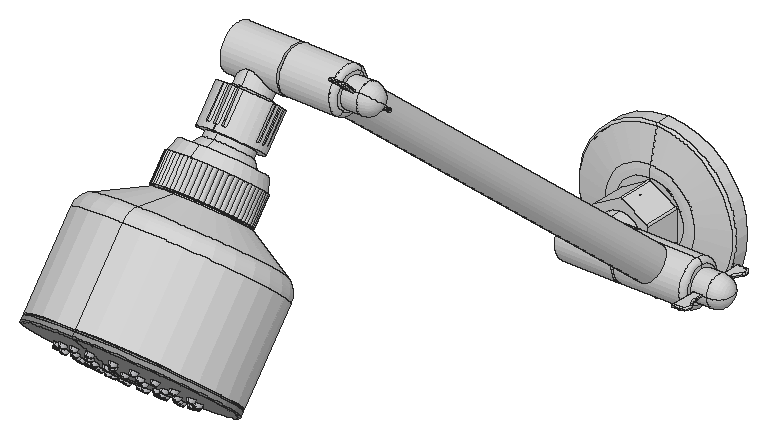
Revit family "Reece_Shower_Base_All Directional Shower", category Plumbing Fixtures, Revit 2018 (continued)
Definition of nested family "Reece_Shower_Base_Overhead Shower_Nested"
  Cuts and joins
    Extrusion 71 cuts Blend 70
    Extrusion 73 cuts Blend 72
    Extrusion 75, Extrusion 77, Extrusion 79, Extrusion 81 cuts Blend 74
    Extrusion 77, Extrusion 83 cuts Blend 76
    Extrusion 79, Extrusion 85 cuts Blend 78
    Extrusion 81, Extrusion 87 cuts Blend 80
    Extrusion 83, Extrusion 89 cuts Blend 82
    Extrusion 85, Extrusion 91 cuts Blend 84
    Extrusion 87, Extrusion 93 cuts Blend 86
    Extrusion 89, Extrusion 95 cuts Blend 88
    Extrusion 91, Extrusion 97 cuts Blend 90
    Extrusion 93 cuts Blend 92
    Extrusion 95 cuts Blend 94
    Extrusion 97 cuts Blend 96
    Extrusion 9 cuts Revolve 99
  Text (mm)
    text "Reece Copyright © 2018, Reece Ltd." at (-452.712, -223.434, 0), in view "Ref. Level"
    text "Reece ©" at (290.323, 26.521, 334.836), in view "Reece_Preview"
  Dimensions and locks
    level to plane 8 = 101.232 mm
    plane 7 to plane 4 = 77.969 mm  (x3)
    plane 5 to plane 6 = 77.969 mm  (x2)
    equal spacing: plane 7, plane 3 "Center (Left/Right)", plane 4
    equal spacing: plane 5, plane 1 "Center (Front/Back)", plane 6
    Extrusion 1 to plane 8 = 101.232 mm  (x2)
    plane 6 to plane 5 = 77.969 mm
    plane 8 to level = 101.232 mm
    aligned and locked: plane 2 to Extrusion 1
    aligned and locked: level to Extrusion 1
    aligned and locked: Revolve 2 sketch curve to plane 3 "Center (Left/Right)"
    aligned and locked: Revolve 7 sketch curve to plane 3 "Center (Left/Right)"
    aligned and locked: Revolve 8 sketch curve to plane 3 "Center (Left/Right)"
  Automatic sketch dimensions
    Extrusion 1 sketch curve to Extrusion 1 sketch curve = 407.898 mm
    Extrusion 1 sketch curve to Extrusion 1 sketch curve = 410.737 mm
    Revolve 2 sketch curve to level = 0 mm
    Revolve 2 sketch curve to plane 3 "Center (Left/Right)" = 0 mm
    Revolve 2 sketch curve to plane 3 "Center (Left/Right)" = 8.999 mm
    Revolve 2 sketch curve to Revolve 2 sketch curve = 2.646 mm
    Revolve 2 sketch curve to plane 3 "Center (Left/Right)" = 12.299 mm
    Revolve 2 sketch curve to Revolve 2 sketch curve = 4.453 mm
    Revolve 2 sketch curve to Revolve 2 sketch curve = 1.8 mm
    plane 3 "Center (Left/Right)" to Revolve 2 sketch curve = 0.001 mm
    level to Revolve 2 sketch curve = 16.001 mm
    Revolve 2 sketch curve to Revolve 2 sketch curve = 2.455 mm
    Revolve 2 sketch curve to Revolve 2 sketch curve = 3.605 mm
    Revolve 2 sketch curve to Revolve 2 sketch curve = 0 mm
    Revolve 2 sketch curve to Revolve 2 sketch curve = 0.477 mm
    Revolve 2 sketch curve to Revolve 2 sketch curve = 5.3 mm
    Revolve 2 sketch curve to level = 5.852 mm
    Revolve 2 sketch curve to Revolve 2 sketch curve = 6.026 mm
    Extrusion 3 sketch curve to level = 0 mm  (x3)
    Extrusion 3 sketch curve to plane 3 "Center (Left/Right)" = 4.232 mm
    Extrusion 3 sketch curve to plane 3 "Center (Left/Right)" = 2.108 mm
    Extrusion 3 sketch curve to Extrusion 3 sketch curve = 1.009 mm  (x2)
    plane 3 "Center (Left/Right)" to Extrusion 3 sketch curve = 1.1 mm
    Extrusion 3 sketch curve to Extrusion 3 sketch curve = 2.021 mm
    Extrusion 3 sketch curve to Extrusion 3 sketch curve = 13.601 mm
    Extrusion 3 sketch curve to Extrusion 3 sketch curve = 0 mm  (x2)
    Extrusion 4 sketch curve to level = 0 mm  (x3)
    Extrusion 4 sketch curve to plane 3 "Center (Left/Right)" = 4.232 mm
    Extrusion 4 sketch curve to plane 3 "Center (Left/Right)" = 2.108 mm
    Extrusion 4 sketch curve to Extrusion 4 sketch curve = 1.009 mm  (x2)
    plane 3 "Center (Left/Right)" to Extrusion 4 sketch curve = 1.1 mm
    Extrusion 4 sketch curve to Extrusion 4 sketch curve = 2.021 mm
    Extrusion 4 sketch curve to Extrusion 4 sketch curve = 13.601 mm
    Extrusion 4 sketch curve to Extrusion 4 sketch curve = 0 mm  (x2)
    Extrusion 5 sketch curve to level = 0 mm  (x3)
    Extrusion 5 sketch curve to plane 1 "Center (Front/Back)" = 4.181 mm
    Extrusion 5 sketch curve to plane 1 "Center (Front/Back)" = 2.057 mm
    Extrusion 5 sketch curve to Extrusion 5 sketch curve = 1.009 mm  (x2)
    plane 1 "Center (Front/Back)" to Extrusion 5 sketch curve = 1.151 mm
    Extrusion 5 sketch curve to Extrusion 5 sketch curve = 2.021 mm
    Extrusion 5 sketch curve to Extrusion 5 sketch curve = 13.601 mm
    Extrusion 5 sketch curve to Extrusion 5 sketch curve = 0 mm  (x2)
    Extrusion 6 sketch curve to level = 0 mm  (x3)
    Extrusion 6 sketch curve to plane 1 "Center (Front/Back)" = 4.181 mm
    Extrusion 6 sketch curve to plane 1 "Center (Front/Back)" = 2.057 mm
    Extrusion 6 sketch curve to Extrusion 6 sketch curve = 1.009 mm  (x2)
    plane 1 "Center (Front/Back)" to Extrusion 6 sketch curve = 1.151 mm
    Extrusion 6 sketch curve to Extrusion 6 sketch curve = 2.021 mm
    Extrusion 6 sketch curve to Extrusion 6 sketch curve = 13.601 mm
    Extrusion 6 sketch curve to Extrusion 6 sketch curve = 0 mm  (x2)
    Revolve 7 sketch curve to plane 3 "Center (Left/Right)" = 0 mm
    Revolve 7 sketch curve to plane 3 "Center (Left/Right)" = 18.398 mm
    level to Revolve 7 sketch curve = 27.361 mm
    Revolve 7 sketch curve to Revolve 7 sketch curve = 12 mm
    Revolve 7 sketch curve to Revolve 7 sketch curve = 7.708 mm
    Revolve 7 sketch curve to Revolve 7 sketch curve = 4.463 mm
    Revolve 8 sketch curve to plane 3 "Center (Left/Right)" = 0 mm
    Revolve 8 sketch curve to plane 3 "Center (Left/Right)" = 15.498 mm
    Revolve 8 sketch curve to Revolve 8 sketch curve = 3.025 mm
    Revolve 8 sketch curve to plane 7 = 7.985 mm
    plane 7 to Revolve 8 sketch curve = 0.013 mm
    level to Revolve 8 sketch curve = 39.361 mm
    Revolve 8 sketch curve to Revolve 8 sketch curve = 0.8 mm
    Revolve 8 sketch curve to Revolve 8 sketch curve = 16.343 mm
    plane 8 to Revolve 8 sketch curve = 6.958 mm
    Revolve 8 sketch curve to plane 7 = 4.018 mm
    Revolve 8 sketch curve to Revolve 8 sketch curve = 0 mm  (x2)
    Revolve 8 sketch curve to Revolve 8 sketch curve = 12 mm
    Revolve 8 sketch curve to plane 8 = 11.843 mm
    Extrusion 9 sketch curve to Extrusion 9 sketch curve = 0 mm  (x2)
    plane 1 "Center (Front/Back)" to Extrusion 9 sketch curve = 0 mm
    Extrusion 9 sketch curve to plane 3 "Center (Left/Right)" = 0 mm
    plane 1 "Center (Front/Back)" to Blend 10 sketch curve = 0 mm  (x2)
    Blend 10 sketch curve to plane 3 "Center (Left/Right)" = 13.179 mm  (x2)
    plane 1 "Center (Front/Back)" to Extrusion 11 sketch curve = 0 mm
    Extrusion 11 sketch curve to plane 3 "Center (Left/Right)" = 13.179 mm
    Blend 12 sketch curve to plane 3 "Center (Left/Right)" = 11.194 mm  (x2)
    plane 1 "Center (Front/Back)" to Blend 12 sketch curve = 6.252 mm  (x2)
    Extrusion 13 sketch curve to plane 3 "Center (Left/Right)" = 11.194 mm
    plane 1 "Center (Front/Back)" to Extrusion 13 sketch curve = 6.252 mm
    Blend 14 sketch curve to plane 3 "Center (Left/Right)" = 6.236 mm  (x2)
    plane 1 "Center (Front/Back)" to Blend 14 sketch curve = 11.131 mm  (x2)
    Extrusion 15 sketch curve to plane 3 "Center (Left/Right)" = 6.236 mm
    plane 1 "Center (Front/Back)" to Extrusion 15 sketch curve = 11.131 mm
    plane 1 "Center (Front/Back)" to Blend 16 sketch curve = 0 mm  (x2)
    Blend 16 sketch curve to plane 3 "Center (Left/Right)" = 13.179 mm  (x2)
    plane 1 "Center (Front/Back)" to Extrusion 17 sketch curve = 0 mm
    Extrusion 17 sketch curve to plane 3 "Center (Left/Right)" = 13.179 mm
    Blend 18 sketch curve to plane 3 "Center (Left/Right)" = 11.194 mm  (x2)
    Blend 18 sketch curve to plane 1 "Center (Front/Back)" = 6.252 mm  (x2)
    Extrusion 19 sketch curve to plane 3 "Center (Left/Right)" = 11.194 mm
    Extrusion 19 sketch curve to plane 1 "Center (Front/Back)" = 6.252 mm
    Blend 20 sketch curve to plane 3 "Center (Left/Right)" = 6.236 mm  (x2)
    Blend 20 sketch curve to plane 1 "Center (Front/Back)" = 11.131 mm  (x2)
    Extrusion 21 sketch curve to plane 3 "Center (Left/Right)" = 6.236 mm
    Extrusion 21 sketch curve to plane 1 "Center (Front/Back)" = 11.131 mm
    plane 3 "Center (Left/Right)" to Blend 22 sketch curve = 11.194 mm  (x2)
    Blend 22 sketch curve to plane 1 "Center (Front/Back)" = 6.252 mm  (x2)
    plane 3 "Center (Left/Right)" to Extrusion 23 sketch curve = 11.194 mm
    Extrusion 23 sketch curve to plane 1 "Center (Front/Back)" = 6.252 mm
    plane 3 "Center (Left/Right)" to Blend 24 sketch curve = 6.236 mm  (x2)
    Blend 24 sketch curve to plane 1 "Center (Front/Back)" = 11.131 mm  (x2)
    plane 3 "Center (Left/Right)" to Extrusion 25 sketch curve = 6.236 mm
    Extrusion 25 sketch curve to plane 1 "Center (Front/Back)" = 11.131 mm
    plane 3 "Center (Left/Right)" to Blend 26 sketch curve = 11.194 mm  (x2)
    plane 1 "Center (Front/Back)" to Blend 26 sketch curve = 6.252 mm  (x2)
    plane 3 "Center (Left/Right)" to Extrusion 27 sketch curve = 11.194 mm
    plane 1 "Center (Front/Back)" to Extrusion 27 sketch curve = 6.252 mm
    plane 3 "Center (Left/Right)" to Blend 28 sketch curve = 6.236 mm  (x2)
    plane 1 "Center (Front/Back)" to Blend 28 sketch curve = 11.131 mm  (x2)
    plane 3 "Center (Left/Right)" to Extrusion 29 sketch curve = 6.236 mm
    plane 1 "Center (Front/Back)" to Extrusion 29 sketch curve = 11.131 mm
    plane 3 "Center (Left/Right)" to Blend 30 sketch curve = 0.003 mm  (x2)
    Blend 30 sketch curve to plane 1 "Center (Front/Back)" = 12.57 mm  (x2)
    plane 3 "Center (Left/Right)" to Extrusion 31 sketch curve = 0.003 mm
    Extrusion 31 sketch curve to plane 1 "Center (Front/Back)" = 12.57 mm
    Blend 32 sketch curve to plane 3 "Center (Left/Right)" = 0.003 mm  (x2)
    Blend 32 sketch curve to plane 1 "Center (Front/Back)" = 12.57 mm  (x2)
    Extrusion 33 sketch curve to plane 3 "Center (Left/Right)" = 0.003 mm
    Extrusion 33 sketch curve to plane 1 "Center (Front/Back)" = 12.57 mm
    plane 3 "Center (Left/Right)" to Blend 34 sketch curve = 0.218 mm  (x2)
    plane 6 to Blend 34 sketch curve = 12.929 mm  (x2)
    plane 3 "Center (Left/Right)" to Extrusion 35 sketch curve = 0.218 mm
    plane 6 to Extrusion 35 sketch curve = 12.929 mm
    plane 3 "Center (Left/Right)" to Blend 36 sketch curve = 0.075 mm  (x2)
    Blend 36 sketch curve to plane 5 = 12.929 mm  (x2)
    plane 3 "Center (Left/Right)" to Extrusion 37 sketch curve = 0.075 mm
    Extrusion 37 sketch curve to plane 5 = 12.929 mm
    Blend 38 sketch curve to plane 3 "Center (Left/Right)" = 8.269 mm  (x2)
    Blend 38 sketch curve to plane 5 = 14.847 mm  (x2)
    Extrusion 39 sketch curve to plane 3 "Center (Left/Right)" = 8.269 mm
    Extrusion 39 sketch curve to plane 5 = 14.847 mm
    Blend 40 sketch curve to plane 3 "Center (Left/Right)" = 14.495 mm  (x2)
    Blend 40 sketch curve to plane 5 = 18.887 mm  (x2)
    Extrusion 41 sketch curve to plane 3 "Center (Left/Right)" = 14.495 mm
    Extrusion 41 sketch curve to plane 5 = 18.887 mm
    Blend 42 sketch curve to plane 7 = 19.077 mm  (x2)
    Blend 42 sketch curve to plane 1 "Center (Front/Back)" = 14.653 mm  (x2)
    Extrusion 43 sketch curve to plane 7 = 19.077 mm
    Extrusion 43 sketch curve to plane 1 "Center (Front/Back)" = 14.653 mm
    Blend 44 sketch curve to plane 7 = 15.749 mm  (x2)
    Blend 44 sketch curve to plane 1 "Center (Front/Back)" = 8.086 mm  (x2)
    Extrusion 45 sketch curve to plane 7 = 15.749 mm
    Extrusion 45 sketch curve to plane 1 "Center (Front/Back)" = 8.086 mm
    Blend 46 sketch curve to plane 1 "Center (Front/Back)" = 0.521 mm  (x2)
    Blend 46 sketch curve to plane 7 = 13.973 mm  (x2)
    Extrusion 47 sketch curve to plane 1 "Center (Front/Back)" = 0.521 mm
    Extrusion 47 sketch curve to plane 7 = 13.973 mm
    plane 3 "Center (Left/Right)" to Blend 48 sketch curve = 8.269 mm  (x2)
    Blend 48 sketch curve to plane 5 = 14.847 mm  (x2)
    plane 3 "Center (Left/Right)" to Extrusion 49 sketch curve = 8.269 mm
    Extrusion 49 sketch curve to plane 5 = 14.847 mm
    plane 3 "Center (Left/Right)" to Blend 50 sketch curve = 14.495 mm  (x2)
    Blend 50 sketch curve to plane 5 = 18.887 mm  (x2)
    plane 3 "Center (Left/Right)" to Extrusion 51 sketch curve = 14.495 mm
    Extrusion 51 sketch curve to plane 5 = 18.887 mm
    plane 4 to Blend 52 sketch curve = 19.077 mm  (x2)
    Blend 52 sketch curve to plane 1 "Center (Front/Back)" = 14.653 mm  (x2)
    plane 4 to Extrusion 53 sketch curve = 19.077 mm
    Extrusion 53 sketch curve to plane 1 "Center (Front/Back)" = 14.653 mm
    plane 4 to Blend 54 sketch curve = 15.749 mm  (x2)
    Blend 54 sketch curve to plane 1 "Center (Front/Back)" = 8.086 mm  (x2)
    plane 4 to Extrusion 55 sketch curve = 15.749 mm
    Extrusion 55 sketch curve to plane 1 "Center (Front/Back)" = 8.086 mm
    Blend 56 sketch curve to plane 1 "Center (Front/Back)" = 0.521 mm  (x2)
    plane 4 to Blend 56 sketch curve = 13.973 mm  (x2)
    Extrusion 57 sketch curve to plane 1 "Center (Front/Back)" = 0.521 mm
    plane 4 to Extrusion 57 sketch curve = 13.973 mm
    plane 3 "Center (Left/Right)" to Blend 58 sketch curve = 8.269 mm  (x2)
    Blend 58 sketch curve to plane 6 = 14.847 mm  (x2)
    plane 3 "Center (Left/Right)" to Extrusion 59 sketch curve = 8.269 mm
    Extrusion 59 sketch curve to plane 6 = 14.847 mm
    plane 3 "Center (Left/Right)" to Blend 60 sketch curve = 14.495 mm  (x2)
    Blend 60 sketch curve to plane 6 = 18.887 mm  (x2)
    plane 3 "Center (Left/Right)" to Extrusion 61 sketch curve = 14.495 mm
    Extrusion 61 sketch curve to plane 6 = 18.887 mm
    plane 4 to Blend 62 sketch curve = 19.077 mm  (x2)
    plane 1 "Center (Front/Back)" to Blend 62 sketch curve = 14.653 mm  (x2)
    plane 4 to Extrusion 63 sketch curve = 19.077 mm
    plane 1 "Center (Front/Back)" to Extrusion 63 sketch curve = 14.653 mm
    plane 4 to Blend 64 sketch curve = 15.749 mm  (x2)
    plane 1 "Center (Front/Back)" to Blend 64 sketch curve = 8.086 mm  (x2)
    plane 4 to Extrusion 65 sketch curve = 15.749 mm
    plane 1 "Center (Front/Back)" to Extrusion 65 sketch curve = 8.086 mm
    Blend 66 sketch curve to plane 3 "Center (Left/Right)" = 8.269 mm  (x2)
    Blend 66 sketch curve to plane 6 = 14.847 mm  (x2)
    Extrusion 67 sketch curve to plane 3 "Center (Left/Right)" = 8.269 mm
    Extrusion 67 sketch curve to plane 6 = 14.847 mm
    Blend 68 sketch curve to plane 3 "Center (Left/Right)" = 14.495 mm  (x2)
    Blend 68 sketch curve to plane 6 = 18.887 mm  (x2)
    Extrusion 69 sketch curve to plane 3 "Center (Left/Right)" = 14.495 mm
    Extrusion 69 sketch curve to plane 6 = 18.887 mm
    Blend 70 sketch curve to plane 7 = 19.077 mm  (x2)
    plane 1 "Center (Front/Back)" to Blend 70 sketch curve = 14.653 mm  (x2)
    Extrusion 71 sketch curve to plane 7 = 19.077 mm
    plane 1 "Center (Front/Back)" to Extrusion 71 sketch curve = 14.653 mm
    Blend 72 sketch curve to plane 7 = 15.749 mm  (x2)
    plane 1 "Center (Front/Back)" to Blend 72 sketch curve = 8.086 mm  (x2)
    Extrusion 73 sketch curve to plane 7 = 15.749 mm
    plane 1 "Center (Front/Back)" to Extrusion 73 sketch curve = 8.086 mm
    plane 1 "Center (Front/Back)" to Blend 74 sketch curve = 4.89 mm  (x2)
    plane 3 "Center (Left/Right)" to Blend 74 sketch curve = 17.438 mm  (x2)
    plane 1 "Center (Front/Back)" to Extrusion 75 sketch curve = 4.89 mm
    plane 3 "Center (Left/Right)" to Extrusion 75 sketch curve = 17.438 mm
    plane 3 "Center (Left/Right)" to Blend 76 sketch curve = 13.024 mm  (x2)
    plane 1 "Center (Front/Back)" to Blend 76 sketch curve = 13.422 mm  (x2)
    plane 3 "Center (Left/Right)" to Extrusion 77 sketch curve = 13.024 mm
    plane 1 "Center (Front/Back)" to Extrusion 77 sketch curve = 13.422 mm
    plane 3 "Center (Left/Right)" to Blend 78 sketch curve = 4.213 mm  (x2)
    plane 1 "Center (Front/Back)" to Blend 78 sketch curve = 18.115 mm  (x2)
    plane 3 "Center (Left/Right)" to Extrusion 79 sketch curve = 4.213 mm
    plane 1 "Center (Front/Back)" to Extrusion 79 sketch curve = 18.115 mm
    Blend 80 sketch curve to plane 1 "Center (Front/Back)" = 4.89 mm  (x2)
    plane 3 "Center (Left/Right)" to Blend 80 sketch curve = 17.438 mm  (x2)
    Extrusion 81 sketch curve to plane 1 "Center (Front/Back)" = 4.89 mm
    plane 3 "Center (Left/Right)" to Extrusion 81 sketch curve = 17.438 mm
    plane 3 "Center (Left/Right)" to Blend 82 sketch curve = 13.024 mm  (x2)
    Blend 82 sketch curve to plane 1 "Center (Front/Back)" = 13.422 mm  (x2)
    plane 3 "Center (Left/Right)" to Extrusion 83 sketch curve = 13.024 mm
    Extrusion 83 sketch curve to plane 1 "Center (Front/Back)" = 13.422 mm
    plane 3 "Center (Left/Right)" to Blend 84 sketch curve = 4.213 mm  (x2)
    Blend 84 sketch curve to plane 1 "Center (Front/Back)" = 18.115 mm  (x2)
    plane 3 "Center (Left/Right)" to Extrusion 85 sketch curve = 4.213 mm
    Extrusion 85 sketch curve to plane 1 "Center (Front/Back)" = 18.115 mm
    plane 1 "Center (Front/Back)" to Blend 86 sketch curve = 4.89 mm  (x2)
    plane 3 "Center (Left/Right)" to Blend 86 sketch curve = 17.438 mm  (x2)
    plane 1 "Center (Front/Back)" to Extrusion 87 sketch curve = 4.89 mm
    plane 3 "Center (Left/Right)" to Extrusion 87 sketch curve = 17.438 mm
    plane 3 "Center (Left/Right)" to Blend 88 sketch curve = 13.024 mm  (x2)
    plane 1 "Center (Front/Back)" to Blend 88 sketch curve = 13.422 mm  (x2)
    plane 3 "Center (Left/Right)" to Extrusion 89 sketch curve = 13.024 mm
    plane 1 "Center (Front/Back)" to Extrusion 89 sketch curve = 13.422 mm
    plane 3 "Center (Left/Right)" to Blend 90 sketch curve = 4.213 mm  (x2)
    plane 1 "Center (Front/Back)" to Blend 90 sketch curve = 18.115 mm  (x2)
    plane 3 "Center (Left/Right)" to Extrusion 91 sketch curve = 4.213 mm
    plane 1 "Center (Front/Back)" to Extrusion 91 sketch curve = 18.115 mm
    plane 1 "Center (Front/Back)" to Blend 92 sketch curve = 4.89 mm  (x2)
    Blend 92 sketch curve to plane 3 "Center (Left/Right)" = 17.438 mm  (x2)
    plane 1 "Center (Front/Back)" to Extrusion 93 sketch curve = 4.89 mm
    Extrusion 93 sketch curve to plane 3 "Center (Left/Right)" = 17.438 mm
    Blend 94 sketch curve to plane 3 "Center (Left/Right)" = 13.024 mm  (x2)
    plane 1 "Center (Front/Back)" to Blend 94 sketch curve = 13.422 mm  (x2)
    Extrusion 95 sketch curve to plane 3 "Center (Left/Right)" = 13.024 mm
    plane 1 "Center (Front/Back)" to Extrusion 95 sketch curve = 13.422 mm
    Blend 96 sketch curve to plane 3 "Center (Left/Right)" = 4.213 mm  (x2)
    plane 1 "Center (Front/Back)" to Blend 96 sketch curve = 18.115 mm  (x2)
    Extrusion 97 sketch curve to plane 3 "Center (Left/Right)" = 4.213 mm
    plane 1 "Center (Front/Back)" to Extrusion 97 sketch curve = 18.115 mm
    Extrusion 98 sketch curve to plane 1 "Center (Front/Back)" = 0.002 mm  (x2)
    Extrusion 98 sketch curve to plane 3 "Center (Left/Right)" = 17.512 mm
    Extrusion 98 sketch curve to Extrusion 98 sketch curve = 0.096 mm  (x5)
    Extrusion 98 sketch curve to Extrusion 98 sketch curve = 0.286 mm  (x8)
    Extrusion 98 sketch curve to Extrusion 98 sketch curve = 0.474 mm  (x8)
    Extrusion 98 sketch curve to Extrusion 98 sketch curve = 0.656 mm  (x8)
    Extrusion 98 sketch curve to Extrusion 98 sketch curve = 0.831 mm  (x11)
    Extrusion 98 sketch curve to Extrusion 98 sketch curve = 0.997 mm  (x8)
    Extrusion 98 sketch curve to Extrusion 98 sketch curve = 1.152 mm  (x8)
    Extrusion 98 sketch curve to Extrusion 98 sketch curve = 1.294 mm  (x8)
    Extrusion 98 sketch curve to Extrusion 98 sketch curve = 1.422 mm  (x8)
    Extrusion 98 sketch curve to Extrusion 98 sketch curve = 1.535 mm  (x8)
    Extrusion 98 sketch curve to Extrusion 98 sketch curve = 1.631 mm  (x8)
    Extrusion 98 sketch curve to Extrusion 98 sketch curve = 1.709 mm  (x8)
    Extrusion 98 sketch curve to Extrusion 98 sketch curve = 1.768 mm  (x8)
    Extrusion 98 sketch curve to Extrusion 98 sketch curve = 1.808 mm  (x8)
    Extrusion 98 sketch curve to plane 3 "Center (Left/Right)" = 0.028 mm  (x2)
    plane 3 "Center (Left/Right)" to Extrusion 98 sketch curve = 1.8 mm  (x2)
    plane 1 "Center (Front/Back)" to Extrusion 98 sketch curve = 1.825 mm  (x2)
    Extrusion 98 sketch curve to plane 1 "Center (Front/Back)" = 1.83 mm  (x2)
    Extrusion 98 sketch curve to Extrusion 98 sketch curve = 0.083 mm  (x2)
    Extrusion 98 sketch curve to Extrusion 98 sketch curve = 0.013 mm
    Extrusion 98 sketch curve to Extrusion 98 sketch curve = 0.178 mm  (x3)
    Extrusion 98 sketch curve to Extrusion 98 sketch curve = 0.271 mm  (x3)
    Extrusion 98 sketch curve to Extrusion 98 sketch curve = 0.295 mm  (x3)
    Extrusion 98 sketch curve to Extrusion 98 sketch curve = 0.447 mm  (x3)
    Extrusion 98 sketch curve to Extrusion 98 sketch curve = 0.528 mm
    Extrusion 98 sketch curve to Extrusion 98 sketch curve = 0.469 mm  (x3)
    Extrusion 98 sketch curve to Extrusion 98 sketch curve = 0.603 mm  (x3)
    Extrusion 98 sketch curve to Extrusion 98 sketch curve = 0.672 mm  (x2)
    Extrusion 98 sketch curve to Extrusion 98 sketch curve = 0.733 mm  (x3)
    Extrusion 98 sketch curve to Extrusion 98 sketch curve = 0.748 mm  (x2)
    Extrusion 98 sketch curve to Extrusion 98 sketch curve = 0.787 mm  (x2)
    Extrusion 98 sketch curve to Extrusion 98 sketch curve = 0.799 mm
    Extrusion 98 sketch curve to Extrusion 98 sketch curve = 0.842 mm
    Extrusion 98 sketch curve to Extrusion 98 sketch curve = 0.867 mm  (x3)
    Extrusion 98 sketch curve to Extrusion 98 sketch curve = 0.875 mm
    Extrusion 98 sketch curve to Extrusion 98 sketch curve = 0.893 mm  (x3)
    Extrusion 98 sketch curve to Extrusion 98 sketch curve = 0.909 mm  (x2)
    Extrusion 98 sketch curve to Extrusion 98 sketch curve = 0.912 mm
    Extrusion 98 sketch curve to Extrusion 98 sketch curve = 0.916 mm
    plane 3 "Center (Left/Right)" to Extrusion 98 sketch curve = 0.888 mm  (x2)
    Extrusion 98 sketch curve to Extrusion 98 sketch curve = 0.898 mm  (x2)
    Extrusion 98 sketch curve to Extrusion 98 sketch curve = 0.689 mm
    Extrusion 98 sketch curve to Extrusion 98 sketch curve = 0.622 mm  (x2)
    Extrusion 98 sketch curve to Extrusion 98 sketch curve = 0.548 mm
    Extrusion 98 sketch curve to Extrusion 98 sketch curve = 0.384 mm
    Extrusion 98 sketch curve to Extrusion 98 sketch curve = 0.361 mm
    Extrusion 98 sketch curve to Extrusion 98 sketch curve = 0.203 mm
    Extrusion 98 sketch curve to Extrusion 98 sketch curve = 0.108 mm
    plane 1 "Center (Front/Back)" to Extrusion 98 sketch curve = 0.913 mm
    Revolve 99 sketch curve to plane 3 "Center (Left/Right)" = 0 mm  (x2)
    Revolve 99 sketch curve to plane 7 = 0.785 mm
    Revolve 99 sketch curve to plane 7 = 0.547 mm
    plane 7 to Revolve 99 sketch curve = 0.013 mm  (x2)
    plane 3 "Center (Left/Right)" to Revolve 99 sketch curve = 6.794 mm
    Revolve 99 sketch curve to level = 199.153 mm
    plane 8 to Revolve 99 sketch curve = 6.958 mm
    Revolve 99 sketch curve to Revolve 99 sketch curve = 0.8 mm
    Revolve 99 sketch curve to Revolve 99 sketch curve = 1.737 mm
    Revolve 99 sketch curve to Revolve 99 sketch curve = 0 mm
    plane 8 to Revolve 99 sketch curve = 0.502 mm
    Revolve 99 sketch curve to Revolve 99 sketch curve = 14.972 mm
    Revolve 99 sketch curve to plane 8 = 11.335 mm
    radius of Extrusion 9 sketch curve = 6 mm
    radius of Extrusion 9 sketch curve = 5.8 mm
    radius of Blend 10 sketch curve = 1.757 mm
    radius of Blend 10 sketch curve = 1.151 mm
    radius of Extrusion 11 sketch curve = 0.802 mm
    radius of Blend 12 sketch curve = 1.757 mm
    radius of Blend 12 sketch curve = 1.151 mm
    radius of Extrusion 13 sketch curve = 0.802 mm
    radius of Blend 14 sketch curve = 1.757 mm
    radius of Blend 14 sketch curve = 1.151 mm
    radius of Extrusion 15 sketch curve = 0.802 mm
    radius of Blend 16 sketch curve = 1.757 mm
    radius of Blend 16 sketch curve = 1.151 mm
    radius of Extrusion 17 sketch curve = 0.802 mm
    radius of Blend 18 sketch curve = 1.757 mm
    radius of Blend 18 sketch curve = 1.151 mm
    radius of Extrusion 19 sketch curve = 0.802 mm
    radius of Blend 20 sketch curve = 1.757 mm
    radius of Blend 20 sketch curve = 1.151 mm
    radius of Extrusion 21 sketch curve = 0.802 mm
    radius of Blend 22 sketch curve = 1.757 mm
    radius of Blend 22 sketch curve = 1.151 mm
    radius of Extrusion 23 sketch curve = 0.802 mm
    radius of Blend 24 sketch curve = 1.757 mm
    radius of Blend 24 sketch curve = 1.151 mm
    radius of Extrusion 25 sketch curve = 0.802 mm
    radius of Blend 26 sketch curve = 1.757 mm
    radius of Blend 26 sketch curve = 1.151 mm
    radius of Extrusion 27 sketch curve = 0.802 mm
    radius of Blend 28 sketch curve = 1.757 mm
    radius of Blend 28 sketch curve = 1.151 mm
    radius of Extrusion 29 sketch curve = 0.802 mm
    radius of Blend 30 sketch curve = 1.757 mm
    radius of Blend 30 sketch curve = 1.151 mm
    radius of Extrusion 31 sketch curve = 0.802 mm
    radius of Blend 32 sketch curve = 1.757 mm
    radius of Blend 32 sketch curve = 1.151 mm
    radius of Extrusion 33 sketch curve = 0.802 mm
    radius of Blend 34 sketch curve = 1.757 mm
    radius of Blend 34 sketch curve = 1.151 mm
    radius of Extrusion 35 sketch curve = 0.802 mm
    radius of Blend 36 sketch curve = 1.757 mm
    radius of Blend 36 sketch curve = 1.151 mm
    radius of Extrusion 37 sketch curve = 0.802 mm
    radius of Blend 38 sketch curve = 1.757 mm
    radius of Blend 38 sketch curve = 1.151 mm
    radius of Extrusion 39 sketch curve = 0.802 mm
    radius of Blend 40 sketch curve = 1.757 mm
    radius of Blend 40 sketch curve = 1.151 mm
    radius of Extrusion 41 sketch curve = 0.802 mm
    radius of Blend 42 sketch curve = 1.757 mm
    radius of Blend 42 sketch curve = 1.151 mm
    radius of Extrusion 43 sketch curve = 0.802 mm
    radius of Blend 44 sketch curve = 1.757 mm
    radius of Blend 44 sketch curve = 1.151 mm
    radius of Extrusion 45 sketch curve = 0.802 mm
    radius of Blend 46 sketch curve = 1.757 mm
    radius of Blend 46 sketch curve = 1.151 mm
    radius of Extrusion 47 sketch curve = 0.802 mm
    radius of Blend 48 sketch curve = 1.757 mm
    radius of Blend 48 sketch curve = 1.151 mm
    radius of Extrusion 49 sketch curve = 0.802 mm
    radius of Blend 50 sketch curve = 1.757 mm
    radius of Blend 50 sketch curve = 1.151 mm
    radius of Extrusion 51 sketch curve = 0.802 mm
    radius of Blend 52 sketch curve = 1.757 mm
    radius of Blend 52 sketch curve = 1.151 mm
    radius of Extrusion 53 sketch curve = 0.802 mm
    radius of Blend 54 sketch curve = 1.757 mm
    radius of Blend 54 sketch curve = 1.151 mm
    radius of Extrusion 55 sketch curve = 0.802 mm
    radius of Blend 56 sketch curve = 1.757 mm
    radius of Blend 56 sketch curve = 1.151 mm
    radius of Extrusion 57 sketch curve = 0.802 mm
    radius of Blend 58 sketch curve = 1.757 mm
    radius of Blend 58 sketch curve = 1.151 mm
    radius of Extrusion 59 sketch curve = 0.802 mm
    radius of Blend 60 sketch curve = 1.757 mm
    radius of Blend 60 sketch curve = 1.151 mm
    radius of Extrusion 61 sketch curve = 0.802 mm
    radius of Blend 62 sketch curve = 1.757 mm
    radius of Blend 62 sketch curve = 1.151 mm
    radius of Extrusion 63 sketch curve = 0.802 mm
    radius of Blend 64 sketch curve = 1.757 mm
    radius of Blend 64 sketch curve = 1.151 mm
    radius of Extrusion 65 sketch curve = 0.802 mm
    radius of Blend 66 sketch curve = 1.757 mm
    radius of Blend 66 sketch curve = 1.151 mm
    radius of Extrusion 67 sketch curve = 0.802 mm
    radius of Blend 68 sketch curve = 1.757 mm
    radius of Blend 68 sketch curve = 1.151 mm
    radius of Extrusion 69 sketch curve = 0.802 mm
    radius of Blend 70 sketch curve = 1.757 mm
    radius of Blend 70 sketch curve = 1.151 mm
    radius of Extrusion 71 sketch curve = 0.802 mm
    radius of Blend 72 sketch curve = 1.757 mm
    radius of Blend 72 sketch curve = 1.151 mm
    radius of Extrusion 73 sketch curve = 0.802 mm
    radius of Blend 74 sketch curve = 1.757 mm
    radius of Blend 74 sketch curve = 1.151 mm
    radius of Extrusion 75 sketch curve = 0.802 mm
    radius of Blend 76 sketch curve = 1.757 mm
    radius of Blend 76 sketch curve = 1.151 mm
    radius of Extrusion 77 sketch curve = 0.802 mm
    radius of Blend 78 sketch curve = 1.757 mm
    radius of Blend 78 sketch curve = 1.151 mm
    radius of Extrusion 79 sketch curve = 0.802 mm
    radius of Blend 80 sketch curve = 1.757 mm
    radius of Blend 80 sketch curve = 1.151 mm
    radius of Extrusion 81 sketch curve = 0.802 mm
    radius of Blend 82 sketch curve = 1.757 mm
    radius of Blend 82 sketch curve = 1.151 mm
    radius of Extrusion 83 sketch curve = 0.802 mm
    radius of Blend 84 sketch curve = 1.757 mm
    radius of Blend 84 sketch curve = 1.151 mm
    radius of Extrusion 85 sketch curve = 0.802 mm
    radius of Blend 86 sketch curve = 1.757 mm
    radius of Blend 86 sketch curve = 1.151 mm
    radius of Extrusion 87 sketch curve = 0.802 mm
    radius of Blend 88 sketch curve = 1.757 mm
    radius of Blend 88 sketch curve = 1.151 mm
    radius of Extrusion 89 sketch curve = 0.802 mm
    radius of Blend 90 sketch curve = 1.757 mm
    radius of Blend 90 sketch curve = 1.151 mm
    radius of Extrusion 91 sketch curve = 0.802 mm
    radius of Blend 92 sketch curve = 1.757 mm
    radius of Blend 92 sketch curve = 1.151 mm
    radius of Extrusion 93 sketch curve = 0.802 mm
    radius of Blend 94 sketch curve = 1.757 mm
    radius of Blend 94 sketch curve = 1.151 mm
    radius of Extrusion 95 sketch curve = 0.802 mm
    radius of Blend 96 sketch curve = 1.757 mm
    radius of Blend 96 sketch curve = 1.151 mm
    radius of Extrusion 97 sketch curve = 0.802 mm
Types (2, lengths in mm): name | Keynote
  (no name) | "Product #9504688, Reece_Shower_Base_All Directional Shower -  "
  Chrome | "Product #9504688, Reece_Shower_Base_All Directional Shower - Chrome"
